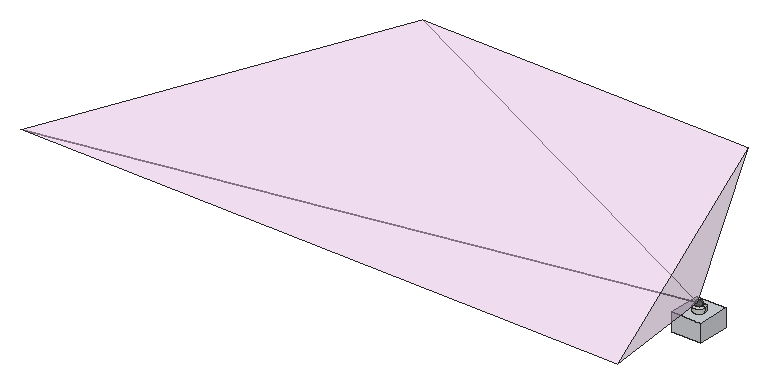
Revit family "Camera-Security-iPRO-5MP_Vandal_Resistant_Indoor_Dome-Network-WV-S22500-V3LX", category Security Devices, host Face, Revit 2020
Family settings
  Host = Face
  Maintain Annotation Orientation = No
  Round Connector Dimension = Use Diameter
  Part Type = Normal
  OmniClass Number = 23.85.10.14.11
  OmniClass Title = Cameras
  Cut with Voids When Loaded = No
  Shared = No
  Room Calculation Point = No
Parameters (values of type "WV-S22500-V3L")
  z Zero = 0.00"  # constant formula
  z Yaw Actual [instance] = if(and(On Wall, not(On Ceiling)), Yaw Actual, Yaw Actual + 180.00°)  # 180.00°
  z VV Viewpoint Depth [instance] = (z VV Viewpoint Depth Max - z VV Viewpoint Depth Min) * z HFOV Ratio + z VV Viewpoint Depth Min  # 1.18898"
  z VV Viewpoint Depth Min = z VV Viewpoint Depth Max  # 1.18898"
  z VV Viewpoint Depth Max = 1.18898"  # constant formula
  z VV Origin Height Offset [instance] = if(Has Ceiling Mount, -1.67323", 0.00")  # 0.00"
  z VV Origin Height [instance] = 2.42126" + z VV Origin Height Offset  # 2.42126"
  z Tilt Actual [instance] = Tilt Actual  # 45.00°
  z Pan Actual Safe [instance] = if(Pan Actual = -180.00°, 180.00°, Pan Actual)  # 0.00°
  z Pan Actual [instance] = Pan Actual  # 0.00°
  z HFOV Ratio [instance] = (Horizontal FOV Actual - Horizontal FOV Min) / (Horizontal FOV Max - Horizontal FOV Min)  # 0.375
  z Dome Radius = (Height - z Base Height)  # 1.83071"
  z Dome Material = Glass - Smoked
  z Dome Height Offset [instance] = if(Has Ceiling Mount, 0.19685", z Base Height)  # 2.20472"
  z Const Yaw Handle Length = 9.25197"  # constant formula
  z Const Yaw Base2 Length = 17.32283"  # constant formula
  z Const Yaw Base Length = 10.23622"  # constant formula
  z Const Tilt Handle Length = 11.81102"  # constant formula
  z Const Tilt Base2 Length = 19.68504"  # constant formula
  z Const Tilt Base Length = 9.84252"  # constant formula
  z Const Pan Handle Length = 19.48819"  # constant formula
  z Camera Vertical Offset [instance] = if(Has Ceiling Mount, 1.67323", 0.00")  # 0.00"
  z Bracket Radius = 7.32283" / 2  # 3.66142"
  z Base is Visible [instance] = not(Has Ceiling Mount)  # yes
  z Base Radius = (Diameter / 2)  # 2.54921"
  z Base Height = 2.20472"  # constant formula
  Yawing Range = "-100 to +100"  # constant formula
  Yaw Min = -100.00°  # constant formula
  Yaw Max = 100.00°  # constant formula
  Yaw Desired [instance] = 0.00°
  Yaw Actual [instance] = if(Yaw Desired > Yaw Max, Yaw Max, if(Yaw Desired < Yaw Min, Yaw Min, Yaw Desired))  # 0.00°
  Wide Dynamic Range = (1 = 1)  # yes
  Weight = 1.77 lbf  # constant formula
  Voltage [instance] = if(Power Supply type is PoE, 48 V, 12 V)  # 48 V
  Vertical FOV Actual [instance] = z HFOV Ratio * (Vertical FOV Max - Vertical FOV Min) + Vertical FOV Min  # 32.875°
  Vandal Resistant = (1 = 1)  # yes
  VFOV Min 43 = 25.00°  # constant formula
  VFOV Min 169 = 19.00°  # constant formula
  Vertical FOV Min [instance] = if(and(Aspect Ratio 4_3, not(Aspect Ratio 16_9)), VFOV Min 43, VFOV Min 169)  # 19.00°
  VFOV Max 43 = 76.00°  # constant formula
  VFOV Max 169 = 56.00°  # constant formula
  Vertical FOV Max [instance] = if(and(Aspect Ratio 4_3, not(Aspect Ratio 16_9)), VFOV Max 43, VFOV Max 169)  # 56.00°
  URL = "https://i-pro.com/corp/en/"
  Tilting Range = "-30 to +85"  # constant formula
  Tilt Min = -30.00°  # constant formula
  Tilt Max = 85.00°  # constant formula
  Tilt Actual [instance] = if(Tilt Desired > Tilt Max, Tilt Max, if(Tilt Desired < Tilt Min, Tilt Min, Tilt Desired))  # 45.00°
  Tilt Desired [instance] = 45.00°
  Storage Temperature = Operational Temperature  # "-10 °C to +50 °C (14 °F to 122 °F)"
  Show View Volume [instance] = yes
  Resolution_HD [instance] = no
  Resolution_FullHD [instance] = no
  Resolution WQHD [instance] = no
  Resolution 5M [instance] = yes
  Regulatory Compliance = "UL (UL62368-1), c-UL (CSA C22.2 No.62368-1), CE, IEC62368-1, FCC (Part15 ClassA), ICES-003 ClassA, EN55032 ClassA, EN55035"  # constant formula
  Provide Feedback = "https://i-pro.com/corp/en/contact-list/"
  Product Page URL = "https://i-pro.com/global/en/surveillance/products/wv-s22500-v3l"
  Product Material = Paint - i-PRO White
  Product Documentation Link = "https://bizpartner.panasonic.net/public/product/wv-s22500-v3l"
  Power Supply type is PoE [instance] = yes
  Power Supply Type [instance] = if(Power Supply type is PoE, "PoE", "DC")  # "PoE"
  Power Active [instance] = if(Power Supply type is PoE, 11.5 W, 12.0 W)  # 11.5 W
  Part Number = Model  # "WV-S22500-V3L"
  Part Description = Description  # "Security Camera, 5MP Vandal Resistant Indoor Dome Network Camera, WV-S22500-V3L"
  Panning Range = "-240 to +120"  # constant formula
  Pan Min = -240.00°  # constant formula
  Pan Max = 120.00°  # constant formula
  Pan Desired [instance] = 0.00°
  Pan Actual [instance] = if(Pan Desired > Pan Max, Pan Max, if(Pan Desired < Pan Min, Pan Min, Pan Desired))  # 0.00°
  PPM Desired [instance] = 300
  PPM Actual [instance] = if(PPM Desired > 1, PPM Desired, 1)  # 300
  Original Creation Date = "2022/08/04"  # constant formula
  Operational Temperature = "-10 °C to +50 °C (14 °F to 122 °F)"  # constant formula
  Operational Humidity = "10 to 90 % (no condensation)"  # constant formula
  On Wall [instance] = not(On Ceiling)  # no
  On Ceiling [instance] = yes
  Mounting Positions = "Mount Dependent or Surface Mount"  # constant formula
  Model Disclaimer = "Contact i-Pro for more information"  # constant formula
  Model = "WV-S22500-V3L"
  Minimum Illumination = 0.050 lx  # constant formula
  Manufacturer = "i-PRO Co., Ltd."  # constant formula
  Indoor Or Outdoor = "Indoor"  # constant formula
  IP Or Analog = "IP"  # constant formula
  Horizontal Resolution [instance] = if(and(Aspect Ratio 4_3, not(Aspect Ratio 16_9)), Horizontal Resolution 43, Horizontal Resolution 169)  # 3072
  Horizontal Resolution 43 [instance] = if(and(Resolution 5M, not(Resolution WQHD), not(Resolution_FullHD), not(Resolution_HD)), 3072, if(and(not(Resolution 5M), Resolution WQHD, not(Resolution_FullHD), not(Resolution_HD)), 2560, if(and(not(Resolution 5M), not(Resolution WQHD), Resolution_FullHD, not(Resolution_HD)), 2048, if(and(not(Resolution 5M), not(Resolution WQHD), not(Resolution_FullHD), Resolution_HD), 1280, 3072))))  # 3072
  Horizontal Resolution 169 [instance] = if(and(Resolution 5M, not(Resolution WQHD), not(Resolution_FullHD), not(Resolution_HD)), 3072, if(and(not(Resolution 5M), Resolution WQHD, not(Resolution_FullHD), not(Resolution_HD)), 2560, if(and(not(Resolution 5M), not(Resolution WQHD), Resolution_FullHD, not(Resolution_HD)), 1920, if(and(not(Resolution 5M), not(Resolution WQHD), not(Resolution_FullHD), Resolution_HD), 1280, 3072))))  # 3072
  Horizontal FOV Actual [instance] = if(Horizontal FOV Desired > Horizontal FOV Max, Horizontal FOV Max, if(Horizontal FOV Desired < Horizontal FOV Min, Horizontal FOV Min, Horizontal FOV Desired))  # 60.00°
  Height = 4.03543"  # constant formula
  Has Ceiling Mount [instance] = no
  Has POE = (1 = 1)  # yes
  HFOV Min 43 = 33.00°  # constant formula
  HFOV Min 169 = 33.00°  # constant formula
  Horizontal FOV Min [instance] = if(and(Aspect Ratio 4_3, not(Aspect Ratio 16_9)), HFOV Min 43, HFOV Min 169)  # 33.00°
  HFOV Max 43 = 105.00°  # constant formula
  HFOV Max 169 = 105.00°  # constant formula
  Horizontal FOV Max [instance] = if(and(Aspect Ratio 4_3, not(Aspect Ratio 16_9)), HFOV Max 43, HFOV Max 169)  # 105.00°
  Family Version = "1.0.0"  # constant formula
  Horizontal FOV Desired [instance] = 60.00°
  Equipment Number [instance] = ""
  Equipment Abbreviation = "SC"  # constant formula
  Distance to Screen [instance] = 393.70079"
  Distance to PPM Target [instance] = if(PPM Actual = 0, 0.00", 39.37008" * Horizontal Resolution / (PPM Actual * 2 * tan(Horizontal FOV Actual / 2)))  # 349.1378"
  Distance to Floor [instance] = 118.11024"
  Distance to Ceiling [instance] = 0.00"
  Diameter = 5.09843"  # constant formula
  Description = "Security Camera, 5MP Vandal Resistant Indoor Dome Network Camera, WV-S22500-V3L"  # constant formula
  Default Elevation = 0.00"
  Day Or Night = "Yes"  # constant formula
  Date Last Modified = "2022/08/04"  # constant formula
  Copyright = "Copyright © i-PRO Co., Ltd."  # constant formula
  Communication Ports = "10Base-T / 100Base-TX, RJ45 connector"  # constant formula
  Audio Out = "Yes"  # constant formula
  Audio In = "Yes"  # constant formula
  Angle Of View = "105"  # constant formula
  Alarm Input Or Output Specification = "ALARM IN 1 (Alarm input 1/ Black & white input/ Auto time adjustment input) (x1) ALARM IN 2 (Alarm input 2/ ALARM OUT) (x1) ALARM IN 3 (Alarm input 3/ AUX OUT) (x1)"  # constant formula
  Accessory Part Number [instance] = if(Has Ceiling Mount, "WV-QEM100-W", "Select a Mounting Option")  # "Select a Mounting Option"
  Aspect Ratio 4_3 [instance] = not(Aspect Ratio 16_9)  # no
  Aspect Ratio 16_9 [instance] = yes
Reference planes (in)
  plane 1 "Center (Front/Back)": y = 0
  plane 2: z = 0
  plane 3 "Center (Left/Right)": x = 0
  plane 4: z = 0
  plane 5: x = -2.54921
  plane 6: x = -1.83071
  plane 7: z = 2.20472
  plane 8: z = 1.50472
  plane 9: z = 4.03543
  plane 10 "Pan LR": z = 9.48781
  plane 11 "BP": z = 2.42126
  plane 12: z = 2.40157
  plane 13: z = 0
Forms (in)
  Extrusion 1, solid
    sketch origin (-0.84468, 0, 0) x (1, 0, 0) y (0, 1, 0)
      loop
        line (-5.65138, 6.85016) -> (-5.65138, -7.02141) -> (7.02141, -7.02141) -> (7.02141, 6.85016) -> (-5.65138, 6.85016)
    from 0 to -7.78407
  Revolve 2, solid, material "Paint - i-PRO White" <- "Product Material", visible <- "z Base is Visible"
    sketch origin (0, 0, 0) x (1, 0, 0) y (0, 0, 1)
      loop
        line (0, 0) -> (0, 2.20472) -> (-1.83071, 2.20472) -> (-2.54921, 1.50472) -> (-2.54921, 0) -> (0, 0)
      axis (0, 2.20472) -> (0, 0)
    angle from 0 to 360
  Revolve 3, solid, material "Glass - Smoked" <- "z Dome Material"
    sketch origin (0, 0, 0) x (1, 0, 0) y (0, 0, 1)
      loop
        line (0, 2.20472) -> (0, 4.03543)
        arc (0, 4.03543) -> (-1.15531, 3.55689) -> (-1.63386, 2.40157) r 1.63386
        line (-1.63386, 2.40157) -> (-1.63386, 2.20472) -> (0, 2.20472)
      axis (0, 4.03543) -> (0, 2.20472)
    angle from 0 to 360
Lines and regions (in)
  reference lines
    curve 1: line (0, 0, 2.42154) -> (0, -9.84252, 2.42154)
    curve 2: line (0, 0, 2.42126) -> (8.07327, -8.07327, 2.42126)
Dimensions and locks (in)
  "z Base Radius": plane 3 "Center (Left/Right)" to plane 5
  locked: plane 7 to plane 8 at 0.7
  "z Dome Radius": plane 3 "Center (Left/Right)" to plane 6
  "z Dome Radius": plane 9 to plane 7
  plane 7 to plane 2 = 2.20472"
  "z VV Origin Height": plane 11 "BP" to level
  locked: plane 12 to plane 7 at 0.19685
  "z Base Height": plane 7 to plane 13
  "z Camera Vertical Offset": level to plane 13
  angle curve 1 to plane 1 "Center (Front/Back)" = 90.00°
  "z Pan Actual Safe": angle plane 3 "Center (Left/Right)" to curve 1
  "z Tilt Actual": angle curve 2 to plane 1 "Center (Front/Back)"
  aligned and locked: plane 2 to Extrusion 1
  aligned and locked: level to Extrusion 1
  aligned and locked: plane 5 to Revolve 2 sketch curve
  aligned and locked: plane 8 to Revolve 2 sketch curve
  aligned and locked: plane 6 to Revolve 2 sketch curve
  aligned and locked: Revolve 2 sketch curve to plane 3 "Center (Left/Right)"
  aligned and locked: plane 7 to Revolve 2 sketch curve
  aligned and locked: Revolve 2 sketch curve to plane 5
  aligned and locked: plane 3 "Center (Left/Right)" to Revolve 3 sketch curve
  aligned and locked: plane 1 "Center (Front/Back)" to curve 1
  aligned and locked: plane 3 "Center (Left/Right)" to curve 1
  aligned and locked: plane 3 "Center (Left/Right)" to nested 1
  aligned and locked: plane 3 "Center (Left/Right)" to curve 2
  aligned and locked: plane 1 "Center (Front/Back)" to curve 2
  aligned and locked: nested 2 to plane 1 "Center (Front/Back)"
  aligned and locked: nested 2 to plane 3 "Center (Left/Right)"
  aligned and locked: plane 7 to Revolve 3 sketch curve
  aligned and locked: plane 13 to Revolve 2 sketch curve
Automatic sketch dimensions
  Extrusion 1 sketch curve to Extrusion 1 sketch curve = 12.67279"
  Extrusion 1 sketch curve to Extrusion 1 sketch curve = 13.87157"
  Revolve 3 sketch curve to plane 12 = 0.00"
  Revolve 3 sketch curve to plane 3 "Center (Left/Right)" = 0.00"
  Revolve 3 sketch curve to plane 9 = 0.00"
  Revolve 3 sketch curve to Revolve 3 sketch curve = 0.82961"
  Revolve 3 sketch curve to Revolve 3 sketch curve = 0.25"
  Revolve 2 sketch curve to plane 3 "Center (Left/Right)" = 0.00"
  plane 8 to Revolve 2 sketch curve = 0.11875"
  plane 12 to Revolve 2 sketch curve = 0.05315"
Nested families (in)
  nested 1: "Mount - Camera-Security-iPRO-Fixed_Dome-Network" at (0, 0, 0), Dome Radius <- "z Dome Radius", Product Material <- "Product Material", Has Ceiling Mount <- "Has Ceiling Mount", type "Mount"
    with z Bracket Radius 3.66142", Product Material Paint - i-PRO White, Has Ceiling Mount no, Dome Radius 1.83071"
  nested 2: "Camera-Security-Panasonic-ViewVolumePTYZ" at (0, 0, 2.42126), Viewpoint Depth <- "z VV Viewpoint Depth", Base Height Offset <- "z VV Origin Height", Pan <- "z Pan Actual", Tilt <- "z Tilt Actual", Yaw <- "z Yaw Actual", HFOV <- "Horizontal FOV Actual", VFOV <- "Vertical FOV Actual", On Wall <- "On Wall", On Ceiling <- "On Ceiling", Screen Depth <- "Distance to Screen", Floor Distance <- "Distance to Floor", Ceiling Distance <- "Distance to Ceiling", Target Depth <- "Distance to PPM Target", visible <- "Show View Volume", type "Camera-Security-Panasonic-ViewVolumePTYZ"
    with z Yaw Actual 180.00°, z Void Width 1249.22856", z Void Thickness 397.31102", z Void Height Start -624.61428", z Void Height End 624.61428", z Void Direction 0, z Void Angle 0.00°, z Viewpoint Depth 1.18898", z Tilt Actual 45.00°, z Target Width 403.14961", z Target Visible yes, z Target Height 206.01039", z Target Depth 350.32678", z Screen Width 454.60651", z Screen Height 232.30499", z Screen Depth 394.88976", z Pan Actual 0.00°, z Floor Distance 118.11024", z Ceiling Distance 0.00", Yaw 180.00°, Viewpoint Origin Horizontal Offset 0.00", Viewpoint Depth 1.18898", VFOV 32.875°, Tilt 45.00°, Target Depth 349.1378", Screen Depth 393.70079", Pan 0.00°, On Wall no, On Floor no, On Default Mount Type 0, On Ceiling yes, HFOV 60.00°, Floor Distance 118.11024", Ceiling Distance 0.00", Base Height Offset 2.42126", Base Angle Offset 0.00°
Connectors (in)
  electrical at (0, 0, 0), driven by "Power Active", driven by "Voltage"
    settings: on Revolve 2, index 1, voltage 48 V, apparent load 11.5 W, apparent load phase1 0.0 W, apparent load phase2 0.0 W, apparent load phase3 0.0 W, power factor 1, load classification "Other", number of poles 1, system type 30, power factor state 1, is connector primary yes, connector utility no, sub classification motor no, connector description "Electrical Connection"
  electrical at (0, 0, 0)
    settings: on Revolve 2, index 2, voltage 0 V, apparent load 0.0 W, apparent load phase1 0.0 W, apparent load phase2 0.0 W, apparent load phase3 0.0 W, power factor 1, load classification "Other", number of poles 1, system type 5, power factor state 1, is connector primary no, connector utility no, sub classification motor no, connector description "Data Connection"
Definition of nested family "Camera-Security-Panasonic-ViewVolumePTYZ"
  Parameters
    z Yaw Actual [instance] = if(Yaw < 0.00°, 360.00° - (abs(Yaw) - rounddown(abs(Yaw) / 360.00°) * 360.00°), Yaw - rounddown(Yaw / 360.00°) * 360.00°)  # 0.00°
    z Void Width [instance] = if(z Screen Width > z Screen Height, z Screen Width, z Screen Height) + abs(Viewpoint Origin Horizontal Offset) + z Void Thickness * 2  # 1265.63013"
    z Void Thickness [instance] = z Screen Depth + abs(Base Height Offset)  # 405.51181"
    z Void Height Start [instance] = -z Void Width / 2  # -632.81507"
    z Void Height End [instance] = z Void Width / 2  # 632.81507"
    z Void Direction [instance] = if((if(On Wall, 1, 0) + if(On Floor, 1, 0) + if(On Ceiling, 1, 0)) = 1, if(On Ceiling, 0, if(On Wall, 1, 2)), On Default Mount Type)  # 0
    z Viewpoint Depth [instance] = if(Viewpoint Depth < 0.03937", 0.03937", Viewpoint Depth)  # 5.90551"
    z Tilt Actual [instance] = if(Tilt < 0.00°, 360.00° - (abs(Tilt) - rounddown(abs(Tilt) / 360.00°) * 360.00°), Tilt - rounddown(Tilt / 360.00°) * 360.00°)  # 45.00°
    z Target Visible [instance] = not(Screen Depth < Target Depth)  # yes
    z Target Thickness Start = -z Target Thickness / 2  # -0.03937"
    z Target Thickness End = z Target Thickness / 2  # 0.03937"
    z Target Depth [instance] = Target Depth + Viewpoint Depth  # 84.64567"
    z Pan Actual [instance] = if(Pan < 0.00°, 360.00° - (abs(Pan) - rounddown(abs(Pan) / 360.00°) * 360.00°), Pan - rounddown(Pan / 360.00°) * 360.00°)  # 0.00°
    z Floor Distance [instance] = if(z Void Direction = 2, if(Floor Distance < 0.00", 0.00", Floor Distance), if(Floor Distance < 0.3937", 0.3937", Floor Distance))  # 118.11024"
    z Const Yaw Base2 Length = 17.32283"  # constant formula
    z Const Tilt Base2 Length = 19.68504"  # constant formula
    z Ceiling Distance [instance] = if(z Void Direction = 2, if(Ceiling Distance < 0.3937", 0.3937", Ceiling Distance), if(Ceiling Distance < 0.00", 0.00", Ceiling Distance))  # 0.00"
    z Const Void Handle Length = 23.62205"  # constant formula
    z Void Angle [instance] = if(z Void Direction = 0, 0.00° + Base Angle Offset, if(z Void Direction = 1, 90.00° + Base Angle Offset, 180.00° + Base Angle Offset))  # 0.00°
    z Screen Depth [instance] = if(Screen Depth < 3.93701", 3.93701" + Viewpoint Depth, Screen Depth + Viewpoint Depth)  # 399.6063"
    Original Creation Date = "September, 15, 2016"  # constant formula
    On Default Mount Type [instance] = 0
    Manufacturer = "Panasonic"  # constant formula
    Family Version = "1.0.0"  # constant formula
    Default Elevation = 48.00"
    Date Last Modified = "September, 15, 2016"  # constant formula
    Copyright = "Copyright © Panasonic"  # constant formula
    Base Height Offset [instance] = 5.90551"
    Base Angle Offset [instance] = 0.00°
    z Viewpoint Width = 0.03937"  # constant formula
    z Viewpoint Height = 0.03937"  # constant formula
    VFOV [instance] = 33.75°
    z Target Width [instance] = Target Depth * tan(HFOV / 2) * 2  # 90.9213"
    z Target Thickness = 0.07874"  # constant formula
    z Target Height [instance] = Target Depth * tan(VFOV / 2) * 2  # 47.77113"
    Target Depth [instance] = 78.74016"
    z Screen Width [instance] = (z Screen Depth - Viewpoint Depth) * tan(HFOV / 2) * 2  # 454.60651"
    z Screen Height [instance] = (z Screen Depth - Viewpoint Depth) * tan(VFOV / 2) * 2  # 238.85566"
    Screen Depth [instance] = 393.70079"
    z Const Yaw Handle Length = 9.25197"  # constant formula
    z Const Yaw Base Length = 10.23622"  # constant formula
    Viewpoint Depth [instance] = 5.90551"
    Viewpoint Origin Horizontal Offset [instance] = 0.00"
    z Const Tilt Handle Length = 14.17323"  # constant formula
    z Const Tilt Base Length = 9.84252"  # constant formula
    z Const Pan Handle Length = 19.68504"  # constant formula
    z Const Pan Axis Length = 15.74803"  # constant formula
    On Wall [instance] = no
    On Floor [instance] = no
    On Ceiling [instance] = yes
    HFOV [instance] = 60.00°
    Yaw [instance] = 0.00°
    Tilt [instance] = 45.00°
    Pan [instance] = 0.00°
    Floor Distance [instance] = 118.11024"
    Ceiling Distance [instance] = 0.00"
  Reference planes (in)
    plane 1 "Center (Front/Back)": y = 0
    plane 2: z = 0
    plane 3 "Center (Left/Right)": x = 0
    plane 4 "VoidOffsetBase": z = -5.90551
  Forms (in)
    Extrusion 1, void
      sketch origin (0, 0, -5.90551) x (0, 0, 1) y (0, -1, 0)
        loop
          line (523.62205, 632.81507) -> (118.11024, 632.81507) -> (118.11024, -632.81507) -> (523.62205, -632.81507) -> (523.62205, 632.81507)
        loop
          line (0, 632.81507) -> (-405.51181, 632.81507) -> (-405.51181, -632.81507) -> (0, -632.81507) -> (0, 632.81507)
      from -632.81507 <- "z Void Height Start" to 632.81507 <- "z Void Height End"
    Blend 2, solid
      base sketch origin (0, -4.17583, 4.17583) x (0, 0.707107, 0.707107) y (-1, 0, 0)
        loop
          line (-0.01969, -0.01969) -> (0.01969, -0.01969) -> (0.01969, 0.01969) -> (-0.01969, 0.01969) -> (-0.01969, -0.01969)
      top sketch origin (0, -282.56432, 282.56432) x (0, 0.707107, 0.707107) y (-1, 0, 0)
        loop
          line (-119.42783, -227.30326) -> (119.42783, -227.30326) -> (119.42783, 227.30326) -> (-119.42783, 227.30326) -> (-119.42783, -227.30326)
      from 0 to 0
    Extrusion 3, solid, visible <- "z Target Visible"
      sketch origin (0, -59.85353, 59.85353) x (0, 0.707107, 0.707107) y (-1, 0, 0)
        loop
          line (-23.88557, -45.46065) -> (23.88557, -45.46065) -> (23.88557, 45.46065) -> (-23.88557, 45.46065) -> (-23.88557, -45.46065)
      from -0.03937 <- "z Target Thickness Start" to 0.03937 <- "z Target Thickness End"
  Cuts and joins
    Extrusion 1 cuts Blend 2
    Extrusion 1 cuts Extrusion 3
  Lines and regions (in)
    reference lines
      curve 1: line (0, 0, 0) -> (19.68504, 0, 0)
      curve 2: line (0, 0, -15.74803) -> (0, 0, 0)
      curve 3: line (0, 0, 0) -> (0, -9.84252, 0)
      curve 4: line (0, 0, 0) -> (0, 0, 19.68504)
      curve 5: line (0, -10.02199, 10.02199) -> (0, 0, 0)
      curve 6: line (0, 0, 0) -> (0, 7.2381, 7.2381)
      curve 7: line (0, 0, 0) -> (-17.32283, 0, 0)
      curve 8: line (0, 0, 0) -> (-9.25197, 0, 0)
      curve 9: line (0, -4.17583, 4.17583) -> (0, 0, 0)
      curve 10: line (0, 0, 0) -> (0, -59.85353, 59.85353)
      curve 11: line (0, 0, 0) -> (0, -282.56432, 282.56432)
      curve 12: line (-0.01969, -4.16191, 4.18975) -> (0.01969, -4.16191, 4.18975)
      curve 13: line (-0.01969, -4.18975, 4.16191) -> (0.01969, -4.18975, 4.16191)
      curve 14: line (-0.01969, -4.16191, 4.18975) -> (-0.01969, -4.18975, 4.16191)
      curve 15: line (0.01969, -4.16191, 4.18975) -> (0.01969, -4.18975, 4.16191)
      curve 16: line (-45.46065, -42.96388, 76.74317) -> (45.46065, -42.96388, 76.74317)
      curve 17: line (-45.46065, -76.74317, 42.96388) -> (45.46065, -76.74317, 42.96388)
      curve 18: line (-45.46065, -42.96388, 76.74317) -> (-45.46065, -76.74317, 42.96388)
      curve 19: line (45.46065, -42.96388, 76.74317) -> (45.46065, -76.74317, 42.96388)
      curve 20: line (-227.30326, -198.1161, 367.01255) -> (-227.30326, -367.01255, 198.1161)
      curve 21: line (227.30326, -198.1161, 367.01255) -> (227.30326, -367.01255, 198.1161)
      curve 22: line (-227.30326, -198.1161, 367.01255) -> (227.30326, -198.1161, 367.01255)
      curve 23: line (-227.30326, -367.01255, 198.1161) -> (227.30326, -367.01255, 198.1161)
      curve 24: line (0, 0, -5.90551) -> (0, 0, 17.71654)
      curve 25: line (0, -632.81507, 517.71654) -> (0, 632.81507, 517.71654)
      curve 26: line (0, -632.81507, 112.20472) -> (0, -632.81507, 517.71654)
      curve 27: line (0, 632.81507, 112.20472) -> (0, -632.81507, 112.20472)
      curve 28: line (0, 632.81507, 517.71654) -> (0, 632.81507, 112.20472)
      curve 29: line (0, -632.81507, -5.90551) -> (0, 632.81507, -5.90551)
      curve 30: line (0, -632.81507, -411.41732) -> (0, -632.81507, -5.90551)
      curve 31: line (0, 632.81507, -411.41732) -> (0, -632.81507, -411.41732)
      curve 32: line (0, 632.81507, -5.90551) -> (0, 632.81507, -411.41732)
  Dimensions and locks (in)
    "z Const Pan Handle Length": curve 1 to curve 1
    "z Const Pan Axis Length": curve 2 to curve 2
    "z Const Tilt Base Length": curve 3 to curve 3
    "z Const Pan Axis Length": curve 1 to curve 2
    "Viewpoint Origin Horizontal Offset": curve 4 to curve 2
    "z Const Tilt Base2 Length": curve 4 to curve 4
    "z Const Tilt Handle Length": curve 5 to curve 5
    "z Const Yaw Base Length": curve 6 to curve 6
    "z Const Yaw Base2 Length": curve 7 to curve 7
    "z Const Yaw Handle Length": curve 8 to curve 8
    "z Viewpoint Depth": curve 9 to curve 9
    "z Target Depth": curve 10 to curve 10
    "z Screen Depth": curve 11 to curve 11
    equal spacing: curve 13, curve 9, curve 12
    "z Viewpoint Height": curve 13 to curve 12
    equal spacing: curve 14, curve 9, curve 15
    "z Viewpoint Width": curve 14 to curve 15
    equal spacing: curve 17, curve 10, curve 16
    "z Target Height": curve 17 to curve 16
    equal spacing: curve 18, curve 10, curve 19
    "z Target Width": curve 18 to curve 19
    equal spacing: curve 20, curve 11, curve 21
    "z Screen Width": curve 20 to curve 21
    equal spacing: curve 23, curve 11, curve 22
    "z Screen Height": curve 23 to curve 22
    "z Const Void Handle Length": curve 24 to curve 24
    equal spacing: curve 26, curve 24, curve 28
    "z Void Width": curve 26 to curve 28
    "z Floor Distance": curve 27 to curve 24
    "z Ceiling Distance": curve 29 to curve 24
    "z Void Thickness": curve 31 to curve 29
    "z Void Thickness": curve 25 to curve 27
    "Base Height Offset": level to plane 4 "VoidOffsetBase"
    locked: curve 3 to curve 2 (angle 90.00°)
    locked: curve 3 to curve 4 (angle 90.00°)
    "z Tilt Actual": angle curve 4 to curve 5
    locked: curve 6 to curve 7 (angle 90.00°)
    locked: curve 6 to curve 5 (angle 90.00°)
    locked: curve 9 to curve 5 (angle 0.00°)
    locked: curve 10 to curve 5 (angle 0.00°)
    locked: curve 11 to curve 5 (angle 0.00°)
    "z Void Angle": angle plane 1 "Center (Front/Back)" to curve 24
    "z Yaw Actual": angle curve 7 to curve 8
    "z Pan Actual": angle plane 1 "Center (Front/Back)" to curve 1
    aligned and locked: level to plane 2
    aligned and locked: curve 2 to curve 1
    aligned and locked: curve 2 to curve 3
    aligned and locked: curve 3 to curve 2
    aligned and locked: curve 3 to curve 5
    aligned and locked: curve 6 to curve 7
    aligned and locked: curve 6 to curve 8
    aligned and locked: curve 8 to curve 7
    aligned and locked: curve 7 to curve 6
    aligned and locked: curve 5 to curve 11
    aligned and locked: curve 11 to curve 8
    aligned and locked: curve 12 to curve 15
    aligned and locked: curve 15 to curve 15
    aligned and locked: curve 14 to curve 14
    aligned and locked: curve 13 to curve 15
    aligned and locked: curve 16 to curve 19
    aligned and locked: curve 18 to curve 18
    aligned and locked: curve 17 to curve 19
    aligned and locked: curve 22 to curve 22
    aligned and locked: curve 21 to curve 23
    aligned and locked: curve 20 to curve 23
    aligned and locked: curve 23 to curve 23
    aligned and locked: plane 1 "Center (Front/Back)" to curve 24
    aligned and locked: curve 30 to curve 26
    aligned and locked: curve 28 to curve 32
    aligned and locked: Extrusion 1 sketch curve to curve 25
    aligned and locked: Extrusion 1 sketch curve to curve 26
    aligned and locked: Extrusion 1 sketch curve to curve 27
    aligned and locked: Extrusion 1 sketch curve to curve 28
    aligned and locked: Extrusion 1 sketch curve to curve 29
    aligned and locked: Extrusion 1 sketch curve to curve 30
    aligned and locked: Extrusion 1 sketch curve to curve 31
    aligned and locked: Extrusion 1 sketch curve to curve 32
    aligned and locked: Extrusion 1 sketch curve to Extrusion 1 sketch curve  (x8)
    aligned and locked: Blend 2 sketch curve to curve 15
    aligned and locked: Blend 2 sketch curve to curve 13
    aligned and locked: Blend 2 sketch curve to curve 14
    aligned and locked: Blend 2 sketch curve to curve 12
    aligned and locked: Blend 2 sketch curve to Blend 2 sketch curve  (x8)
    aligned and locked: Blend 2 sketch curve to curve 21
    aligned and locked: Blend 2 sketch curve to curve 23
    aligned and locked: Blend 2 sketch curve to curve 20
    aligned and locked: Blend 2 sketch curve to curve 22
    aligned and locked: Extrusion 3 sketch curve to curve 19
    aligned and locked: Extrusion 3 sketch curve to curve 17
    aligned and locked: Extrusion 3 sketch curve to curve 18
    aligned and locked: Extrusion 3 sketch curve to curve 16
    aligned and locked: Extrusion 3 sketch curve to Extrusion 3 sketch curve  (x4)
    aligned and locked: plane 3 "Center (Left/Right)" to curve 1
    aligned and locked: plane 1 "Center (Front/Back)" to curve 1
    aligned and locked: level to curve 2
    aligned and locked: plane 4 "VoidOffsetBase" to curve 24
  Automatic sketch dimensions
    curve 6 to curve 5 = 0.00"
    curve 6 to curve 5 = 10.23622"
Definition of nested family "Mount - Camera-Security-iPRO-Fixed_Dome-Network"
  Parameters (values of type "Mount")
    z Bracket Radius [instance] = 3.66142"  # constant formula
    URL = "http://panasonic.net"
    Product Material [instance] = none
    Part Number = Model  # "WV-Q174B"
    Model = "WV-Q174B"
    Manufacturer = "Panasonic"
    Keynote = ""
    Has Ceiling Mount [instance] = yes
    Dome Radius [instance] = 1.77165"
    Default Elevation = 0.00"
    Assembly Code = ""
  Reference planes (in)
    plane 1 "Center (Front/Back)": y = 0
    plane 2: z = 0
    plane 3 "Center (Left/Right)": x = 0
    plane 4: z = 0.295
    plane 5: z = 0.19685
    plane 6: x = -3.66142
    plane 7: z = 0
    plane 8: x = -1.77165
    plane 9: z = 0.32
    plane 10: z = 4.32
    plane 11: z = 3.146
    plane 12: z = 3.814
    plane 13: z = -3.63
    plane 14: z = -3.24904
    plane 15: z = -3.12404
    plane 16: z = 5.5
    plane 17: z = 7.75
    plane 18: y = -2.75
    plane 19: y = 2.75
    plane 20: z = 0.61811
    plane 21: y = -1.56732
    plane 22: y = 1.33268
    plane 23: x = 3.05
    plane 24: x = 3.25
    plane 25: x = 3.1565
    plane 26: y = -3.25
    plane 27: y = -3
    plane 28: x = 2.9065
    plane 29: x = 3.7815
    plane 30: x = -3.7815
    plane 31: y = 0.375
    plane 32: y = -0.375
  Forms (in)
    Extrusion 1, solid
      sketch origin (0, 0, 0) x (1, 0, 0) y (0, 1, 0)
        loop
          line (-48, 48) -> (-48, -48) -> (48, -48) -> (48, 48) -> (-48, 48)
      from 0 to -12
    Revolve 2, solid, visible <- "Has Ceiling Mount"
      sketch origin (0, 0, 0) x (1, 0, 0) y (0, 0, 1)
        loop
          line (-3.66142, 0.19685) -> (-3.66142, 0) -> (0, 0) -> (0, 0.61811) -> (-1.77165, 0.61811) -> (-3.66142, 0.19685)
        axis (0, 0.61811) -> (0, 0)
      angle from 0 to 360
  Lines and regions (in)
    Masking region 1
      outline origin (0, 0, 0) x (1, 0, 0) y (0, 1, 0)
        loop
          circle (0, 0) r 3.66142
  Dimensions and locks (in)
    locked: plane 5 to plane 7 at 0.19685
    "Dome Radius": plane 3 "Center (Left/Right)" to plane 8
    plane 16 to Extrusion 1 = 5.50"
    locked: plane 21 to plane 22 at 2.9
    locked: plane 20 to level at 0.61811
    locked: plane 3 "Center (Left/Right)" to plane 6 at 3.66142
    "z Bracket Radius": radius of Masking region 1 sketch curve
    aligned and locked: plane 2 to Extrusion 1
    aligned and locked: level to Extrusion 1
    aligned and locked: plane 5 to Revolve 2 sketch curve
    aligned and locked: plane 6 to Revolve 2 sketch curve
    aligned and locked: Revolve 2 sketch curve to plane 7
  Automatic sketch dimensions
    Extrusion 1 sketch curve to Extrusion 1 sketch curve = 96.00"  (x2)
    plane 1 "Center (Front/Back)" to Masking region 1 sketch curve = 0.00"
    Masking region 1 sketch curve to plane 3 "Center (Left/Right)" = 0.00"
    Revolve 2 sketch curve to plane 8 = 0.00"
    Revolve 2 sketch curve to plane 3 "Center (Left/Right)" = 0.00"  (x2)
    Revolve 2 sketch curve to plane 20 = 0.00"
    Revolve 2 sketch curve to level = 0.25803"
    Revolve 2 sketch curve to Revolve 2 sketch curve = 0.07827"
